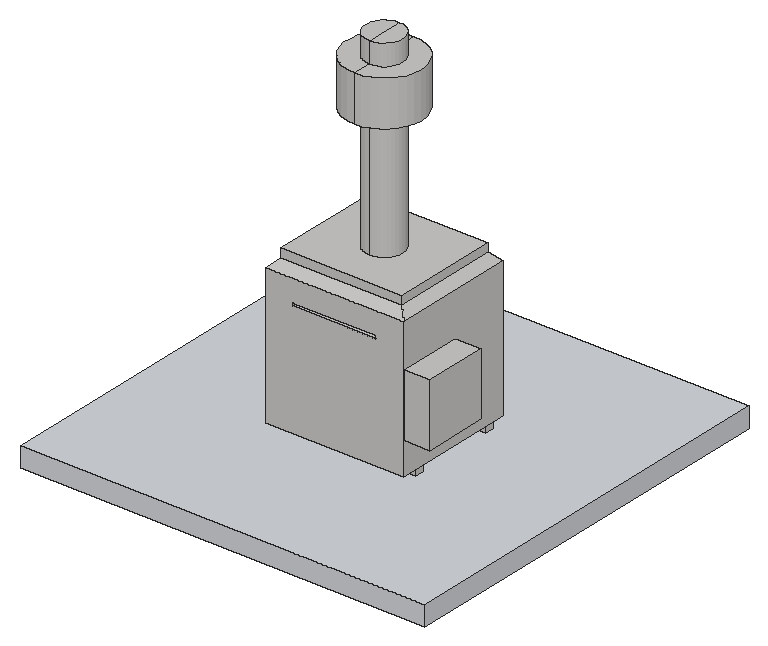
Revit family "DC_Rheem_PLM_Raypak_B0538HWT", category Plumbing Fixtures, host Face, Revit 2020
Family settings
  Host = Face
  Round Connector Dimension = Use Radius
  Part Type = Normal
  Cut with Voids When Loaded = No
  Shared = No
  Room Calculation Point = No
Parameters (values of type "Raypak - Gas Water Heater- Outdoor - 505 MJ/h  Propane gas, modulating gas control")
  Width_ANZRS = 830 mm
  URL = "http://www.rheem.com.au/CommercialProducts"
  Type Comments = "Recovery 1978L/h @ 50°C rise\r\n"
  TopH2_ANZRS = 275 mm
  TopH1_ANZRS = 125 mm
  TopDiaSmall_ANZRS = 225 mm
  TopDiaBig_ANZRS = 450 mm
  T_ANZRS = 50 mm
  Materials_ANZRS = Raypak - Stainless Steel
  PVRDist_ANZRS = 85 mm
  PRV_ANZRS = 15 mm
  Model = "B0538PCM/HWT\r\n"
  Manufacturer = "Raypak\r\n"
  Length_ANZRS = 750 mm
  L1_ANZRS = 387 mm
  HotWateroutletradius_ANZRS = 32.5 mm
  HotWateroutletDiameter_ANZRS = HotWateroutletradius_ANZRS * 2  # 65 mm
  HotWaterConn.Dist_ANZRS = 155 mm
  Height_ANZRS = 2130 mm
  H1_ANZRS = 935 mm
  GasInletradius_ANZRS = 10 mm
  GasInletHeight_ANZRS = 435 mm
  GasInletDiameter_ANZRS = GasInletradius_ANZRS * 2  # 20 mm
  GasConn.Dist_ANZRS = 95 mm
  EleBoxW_ANZRS = 160 mm
  EleBoxHeightFromBase_ANZRS = 235 mm
  EleBoxHeight_ANZRS = 380 mm
  DesignBy_ANZRS = "Design Content ©"
  Description = "Raypak - Gas Water Heater- Outdoor - 505 MJ/h  Propane gas, modulating gas control"
  Default Elevation = 0 mm  # constant formula
  ConnHeight_ANZRS = 745 mm
  ColdWaterInletRadius_ANZRS = 32.5 mm
  ColdWaterInletDiameter_ANZRS = ColdWaterInletRadius_ANZRS * 2  # 65 mm
  ColdWaterConn.Dist_ANZRS = 280 mm
  BoxHeight_ANZRS = 975 mm
  Base1Dist_ANZRS = 75 mm
  BaseWidth_ANZRS = 55 mm
  BaseHeight_ANZRS = 35 mm
  Basae2Dist_ANZRS = 95 mm
  Author_ANZRS = "DM"
  Assembly Code = ""
Types (4, lengths in mm): name | Type Comments | Model | GasInletradius_ANZRS | GasInletDiameter_ANZRS | Description
  Raypak - Gas Water Heater- Outdoor - 539 MJ/h  Natural gas, modulating gas control | "Recovery 2064L/h @ 50°C rise\r\n" | "B0538NCM/HWT\r\n" | 12.5 | 25 | "Raypak - Gas Water Heater- Outdoor - 539 MJ/h  Natural gas, modulating gas control\r\n"
  Raypak - Gas Water Heater- Outdoor - 539  MJ/h  Natural gas, On/Off gas control | "Recovery 2064L/h @ 50°C rise\r\n" | "B0538NCO/HWT\r\n\r\n" | 12.5 | 25 | "Raypak - Gas Water Heater- Outdoor - 539  MJ/h  Natural gas, On/Off gas control\r\n"
  Raypak - Gas Water Heater- Outdoor - 505 MJ/h  Propane gas, modulating gas control | "Recovery 1978L/h @ 50°C rise\r\n" | "B0538PCM/HWT\r\n" | 10 | 20 | "Raypak - Gas Water Heater- Outdoor - 505 MJ/h  Propane gas, modulating gas control"
  Raypak - Gas Water Heater- Outdoor - 505 MJ/h  Propane gas, On/Off gas control | "Recovery 1978L/h @ 50°C rise\r\n" | "B0538PCO/HWT\r\n" | 12.5 | 25 | "Raypak - Gas Water Heater- Outdoor - 505 MJ/h  Propane gas, On/Off gas control\r\n"
Reference planes
  plane 1 "Center (Front/Back)": y = 0
  plane 2: z = 0
  plane 3 "Center (Left/Right)": x = 0
  plane 4: y = 375
  plane 5: y = -375
  plane 6: x = -415
  plane 7: x = 415
  plane 8: z = 35
  plane 9: z = 975
  plane 10: y = 300
  plane 11: y = 245
  plane 12: y = -225
  plane 13: y = -280
  plane 14: y = -280
  plane 15: y = 220
  plane 16: y = -60
  plane 17: z = 745
  plane 18: y = 290
  plane 19: y = 112.5
  plane 20: y = -112.5
  plane 21: y = 225
  plane 22: y = -225
  plane 23: z = 2130
  plane 24: z = 2005
  plane 25: z = 1730
  plane 26: y = 325
  plane 27: y = -325
  plane 28: z = 925
  plane 29: z = 875
  plane 30: z = 435
  plane 31: x = -225
  plane 32: x = 225
  plane 33: x = -112.5
  plane 34: x = 112.5
  plane 35: x = 575
  plane 36: z = 615
  plane 37: z = 235
  plane 38: z = 725
  plane 39: x = 250
  plane 40: x = -250
  plane 41: y = -365
  plane 42: x = -405
  plane 43 "Electircal Box": y = 10
Forms (mm)
  Extrusion 1, solid
    sketch origin (0, 0, 0) x (1, 0, 0) y (0, 1, 0)
      loop
        line (-1219.2, 1219.2) -> (-1219.2, -1219.2) -> (1219.2, -1219.2) -> (1219.2, 1219.2) -> (-1219.2, 1219.2)
    from 0 to -120
  Extrusion 2, solid, material "Raypak - Stainless Steel" <- "Materials_ANZRS"
    sketch origin (0, 0, 0) x (1, 0, 0) y (0, 1, 0)
      loop
        line (-415, 375) -> (-415, -375) -> (415, -375) -> (415, 375) -> (-415, 375)
    from 35 to 975
  Sweep 3, void
    path origin (0, 0, 0) x (1, 0, 0) y (0, 1, 0)
      loop
        line (-415, 375) -> (-415, -375) -> (415, -375) -> (415, 375) -> (-415, 375)
    profile origin (0, 375, 0) x (0, 1, 0) y (0, 0, 1)
      loop
        line (-50, 975) -> (-50, 925) -> (0, 875) -> (0, 975) -> (-50, 975)
  Extrusion 4, solid, material "Raypak - Stainless Steel" <- "Materials_ANZRS"
    sketch origin (0, 0, 0) x (0, 1, 0) y (0, 0, 1)
      loop
        line (300, 35) -> (245, 35) -> (245, 0) -> (300, 0) -> (300, 35)
      loop
        line (-225, 35) -> (-280, 35) -> (-280, 0) -> (-225, 0) -> (-225, 35)
    from -415 to 415
  Revolve 5, solid, material "Raypak - Stainless Steel" <- "Materials_ANZRS"
    sketch origin (0, 0, 0) x (0, 1, 0) y (0, 0, 1)
      loop
        line (0, 2130) -> (-112.5, 2130) -> (-112.5, 2005) -> (-225, 2005) -> (-225, 1730) -> (-112.5, 1730) -> (-112.5, 975) -> (0, 975) -> (0, 2130)
      axis (0, 2130) -> (0, 975)
    angle from 0 to 360
  Extrusion 6, solid, material "Raypak - Stainless Steel" <- "Materials_ANZRS"
    sketch origin (0, 0, 0) x (1, 0, 0) y (0, 0, 1)
      loop
        line (415, 615) -> (415, 235) -> (575, 235) -> (575, 615) -> (415, 615)
    from -10 to 375
  Extrusion 7, void
    sketch origin (0, 0, 0) x (1, 0, 0) y (0, 0, 1)
      loop
        line (-250, 745) -> (-250, 725) -> (250, 725) -> (250, 745) -> (-250, 745)
    from 344.946 to 375
  Extrusion 8, void
    sketch origin (0, 0, 0) x (0, 1, 0) y (0, 0, 1)
      loop
        circle (290, 745) r 15
      loop
        circle (220, 745) r 32.5
      loop
        circle (-60, 745) r 32.5
      loop
        circle (-280, 435) r 10
    from -415 to -405
Cuts and joins
  Sweep 3, Extrusion 7, Extrusion 8 cuts Extrusion 2
Lines and regions (mm)
  Masking region 1
    outline origin (0, 0, 0) x (1, 0, 0) y (0, 1, 0)
      loop
        line (-415, 375) -> (-415, -375) -> (415, -375) -> (575, -375) -> (575, 10) -> (415, 10) -> (-415, 375)
  Masking region 2
    outline origin (0, 0, 0) x (1, 0, 0) y (0, 0, 1)
      loop
        line (225, 1730) -> (225, 2005) -> (112.5, 2005) -> (112.5, 2130) -> (-112.5, 2130) -> (-112.5, 2005) -> (-225, 2005) -> (-225, 1730) -> (-112.5, 1730) -> (-112.5, 975) -> (-365, 975) -> (-365, 925) -> (-415, 875) -> (-415, 0) -> (415, 0) -> (415, 235) -> (575, 235) -> (575, 615) -> (415, 615) -> (415, 875) -> (365, 925) -> (365, 975) -> (112.5, 975) -> (112.5, 1730) -> (225, 1730)
  Masking region 3
    outline origin (0, 0, 0) x (0, 1, 0) y (0, 0, 1)
      loop
        line (-112.5, 975) -> (-325, 975) -> (-325, 925) -> (-375, 875) -> (-375, 0) -> (375, 0) -> (375, 875) -> (325, 925) -> (325, 975) -> (112.5, 975) -> (112.5, 1730) -> (225, 1730) -> (225, 2005) -> (112.5, 2005) -> (112.5, 2130) -> (-112.5, 2130) -> (-112.5, 2005) -> (-225, 2005) -> (-225, 1730) -> (-112.5, 1730) -> (-112.5, 975)
  Masking region 4
    outline origin (0, 0, 0) x (0, 1, 0) y (0, 0, 1)
      loop
        circle (290, 745) r 15
      loop
        circle (220, 745) r 32.5
      loop
        circle (-60, 745) r 32.5
      loop
        circle (-280, 435) r 10
  symbolic lines, style "Rheem Raypak", detail levels fine
    curve 1: line (415, 375, 0) -> (-415, 375, 0)
    curve 2: line (415, -375, 0) -> (415, 375, 0)
    curve 3: line (-415, -375, 0) -> (415, -375, 0)
    curve 4: line (-415, 375, 0) -> (-415, -375, 0)
    curve 5: line (-365, -325, 0) -> (-365, 325, 0)
    curve 6: line (-365, 325, 0) -> (365, 325, 0)
    curve 7: line (365, 325, 0) -> (365, -325, 0)
    curve 8: line (365, -325, 0) -> (-365, -325, 0)
    curve 9: line (415, 375, 0) -> (365, 325, 0)
    curve 10: line (365, -325, 0) -> (415, -375, 0)
    curve 11: line (-365, -325, 0) -> (-415, -375, 0)
    curve 12: line (-365, 325, 0) -> (-415, 375, 0)
    curve 13: arc (0, 225, 0) -> (225, 0, 0) -> (0, -225, 0) r 225
    curve 14: arc (0, -225, 0) -> (-225, 0, 0) -> (0, 225, 0) r 225
    curve 15: arc (0, -112.5, 0) -> (-112.5, 0, 0) -> (0, 112.5, 0) r 112.5
    curve 16: arc (0, 112.5, 0) -> (112.5, 0, 0) -> (0, -112.5, 0) r 112.5
    curve 17: line (575, -375, 0) -> (575, 10, 0)
    curve 18: line (575, 10, 0) -> (415, 10, 0)
    curve 19: line (415, -375, 0) -> (575, -375, 0)
    curve 20: line (365, 0, 975) -> (-365, 0, 975)
    curve 21: line (-365, 0, 925) -> (365, 0, 925)
    curve 22: line (365, 0, 975) -> (365, 0, 925)
    curve 23: line (-365, 0, 925) -> (-365, 0, 975)
    curve 24: line (-415, 0, 875) -> (-365, 0, 925)
    curve 25: line (365, 0, 925) -> (415, 0, 875)
    curve 26: line (415, 0, 875) -> (-415, 0, 875)
    curve 27: line (415, 0, 35) -> (415, 0, 875)
    curve 28: line (-415, 0, 875) -> (-415, 0, 35)
    curve 29: line (250, 0, 745) -> (-250, 0, 745)
    curve 30: line (-250, 0, 725) -> (250, 0, 725)
    curve 31: line (-250, 0, 745) -> (-250, 0, 725)
    curve 32: line (250, 0, 725) -> (250, 0, 745)
    curve 33: line (575, 0, 615) -> (415, 0, 615)
    curve 34: line (575, 0, 235) -> (575, 0, 615)
    curve 35: line (415, 0, 235) -> (575, 0, 235)
    curve 36: line (-415, 0, 35) -> (415, 0, 35)
    curve 37: line (-415, 0, 35) -> (-415, 0, 0)
    curve 38: line (415, 0, 0) -> (415, 0, 35)
    curve 39: line (-415, 0, 0) -> (415, 0, 0)
    curve 40: line (0, 0, 2005) -> (225, 0, 2005)
    curve 41: line (-225, 0, 2005) -> (0, 0, 2005)
    curve 42: line (-225, 0, 1730) -> (0, 0, 1730)
    curve 43: line (0, 0, 1730) -> (225, 0, 1730)
    curve 44: line (-112.5, 0, 2130) -> (0, 0, 2130)
    curve 45: line (0, 0, 2130) -> (112.5, 0, 2130)
    curve 46: line (-112.5, 0, 1730) -> (-112.5, 0, 975)
    curve 47: line (112.5, 0, 975) -> (112.5, 0, 1730)
    curve 48: line (112.5, 0, 2005) -> (112.5, 0, 2130)
    curve 49: line (-112.5, 0, 2130) -> (-112.5, 0, 2005)
    curve 50: line (0, 325, 975) -> (0, -325, 975)
    curve 51: line (0, 325, 925) -> (0, -325, 925)
    curve 52: line (0, -375, 875) -> (0, 375, 875)
    curve 53: line (0, -375, 875) -> (0, -325, 925)
    curve 54: line (0, -325, 925) -> (0, -325, 975)
    curve 55: line (0, 325, 975) -> (0, 325, 925)
    curve 56: line (0, 325, 925) -> (0, 375, 875)
    curve 57: line (0, 375, 35) -> (0, 375, 875)
    curve 58: line (0, -375, 35) -> (0, 375, 35)
    curve 59: line (0, 300, 0) -> (0, 300, 35)
    curve 60: line (0, 245, 35) -> (0, 245, 0)
    curve 61: line (0, 245, 0) -> (0, 300, 0)
    curve 62: line (0, -280, 35) -> (0, -280, 0)
    curve 63: line (0, -225, 0) -> (0, -225, 35)
    curve 64: line (0, -280, 0) -> (0, -225, 0)
    curve 65: line (0, -112.5, 2130) -> (0, 112.5, 2130)
    curve 66: line (0, -225, 2005) -> (0, 225, 2005)
    curve 67: line (0, -225, 1730) -> (0, 225, 1730)
    curve 68: line (0, -112.5, 1730) -> (0, -112.5, 975)
    curve 69: line (0, 112.5, 975) -> (0, 112.5, 1730)
    curve 70: line (0, 112.5, 2005) -> (0, 112.5, 2130)
    curve 71: line (0, -112.5, 2130) -> (0, -112.5, 2005)
Dimensions and locks
  equal spacing: plane 4, plane 1 "Center (Front/Back)", plane 5
  "Length_ANZRS": plane 4 to plane 5
  equal spacing: plane 6, plane 3 "Center (Left/Right)", plane 7
  "Width_ANZRS": plane 6 to plane 7
  "BaseHeight_ANZRS": plane 8 to Extrusion 1
  "BoxHeight_ANZRS": plane 9 to Extrusion 1
  "Base1Dist_ANZRS": plane 4 to plane 10
  "BaseWidth_ANZRS": plane 10 to plane 11
  "Basae2Dist_ANZRS": plane 13 to plane 5
  "BaseWidth_ANZRS": plane 12 to plane 13
  "GasConn.Dist_ANZRS": plane 14 to plane 5
  "HotWaterConn.Dist_ANZRS": plane 4 to plane 15
  "ColdWaterConn.Dist_ANZRS": plane 15 to plane 16
  "ConnHeight_ANZRS": plane 17 to Extrusion 1
  "PVRDist_ANZRS": plane 4 to plane 18
  equal spacing: plane 19, plane 1 "Center (Front/Back)", plane 20
  "TopDiaSmall_ANZRS": plane 19 to plane 20
  equal spacing: plane 21, plane 1 "Center (Front/Back)", plane 22
  "TopDiaBig_ANZRS": plane 21 to plane 22
  "Height_ANZRS": plane 23 to Extrusion 1
  "T_ANZRS": plane 4 to plane 26
  "T_ANZRS": plane 27 to plane 5
  equal spacing: plane 9, plane 28, plane 29
  "T_ANZRS": plane 28 to plane 29
  "TopH1_ANZRS": plane 23 to plane 24
  "TopH2_ANZRS": plane 24 to plane 25
  "GasInletHeight_ANZRS": plane 30 to Extrusion 1
  equal spacing: plane 33, plane 3 "Center (Left/Right)", plane 34
  equal spacing: plane 31, plane 3 "Center (Left/Right)", plane 32
  "TopDiaBig_ANZRS": plane 31 to plane 32
  "TopDiaSmall_ANZRS": plane 33 to plane 34
  "EleBoxW_ANZRS": plane 35 to plane 7
  "EleBoxHeight_ANZRS": plane 36 to plane 37
  "EleBoxHeightFromBase_ANZRS": plane 37 to Extrusion 1
  equal spacing: plane 39, plane 3 "Center (Left/Right)", plane 40
  plane 39 to plane 40 = 500 mm
  locked: plane 41 to plane 5 at 10
  locked: plane 6 to plane 42 at 10
  "GasInletradius_ANZRS": radius of Extrusion 8 sketch curve
  "ColdWaterInletRadius_ANZRS": radius of Extrusion 8 sketch curve
  "HotWateroutletradius_ANZRS": radius of Extrusion 8 sketch curve
  "PRV_ANZRS": radius of Extrusion 8 sketch curve
  aligned and locked: plane 2 to Extrusion 1
  aligned and locked: level to Extrusion 1
  aligned and locked: Extrusion 2 sketch curve to plane 4
  aligned and locked: plane 6 to Extrusion 2 sketch curve
  aligned and locked: Extrusion 2 sketch curve to plane 5
  aligned and locked: plane 7 to Extrusion 2 sketch curve
  aligned and locked: Extrusion 2 to plane 8
  aligned and locked: plane 9 to Extrusion 2
  aligned and locked: Sweep 3 sketch curve to Extrusion 2  (x4)
  aligned and locked: plane 26 to Sweep 3 sketch curve
  aligned and locked: plane 9 to Sweep 3 sketch curve
  aligned and locked: plane 4 to Sweep 3 sketch curve
  aligned and locked: plane 8 to Extrusion 4 sketch curve  (x2)
  aligned and locked: Extrusion 4 sketch curve to plane 10
  aligned and locked: Extrusion 4 sketch curve to level  (x2)
  aligned and locked: plane 11 to Extrusion 4 sketch curve
  aligned and locked: Extrusion 4 sketch curve to plane 12
  aligned and locked: plane 14 to Extrusion 4 sketch curve
  aligned and locked: Extrusion 4 to plane 6
  aligned and locked: Extrusion 4 to plane 7
  aligned and locked: plane 23 to Revolve 5 sketch curve
  aligned and locked: Revolve 5 sketch curve to plane 20
  aligned and locked: plane 24 to Revolve 5 sketch curve
  aligned and locked: Revolve 5 sketch curve to plane 25
  aligned and locked: Revolve 5 sketch curve to plane 22
  aligned and locked: plane 1 "Center (Front/Back)" to Revolve 5 sketch curve
  aligned and locked: plane 9 to Revolve 5 sketch curve
  aligned and locked: Extrusion 6 sketch curve to plane 36
  aligned and locked: Extrusion 6 sketch curve to plane 7
  aligned and locked: plane 37 to Extrusion 6 sketch curve
  aligned and locked: Extrusion 6 sketch curve to plane 35
  aligned and locked: Extrusion 7 sketch curve to plane 17
  aligned and locked: plane 40 to Extrusion 7 sketch curve
  aligned and locked: plane 38 to Extrusion 7 sketch curve
  aligned and locked: Extrusion 7 sketch curve to plane 39
  aligned and locked: plane 5 to Extrusion 7
  aligned and locked: plane 17 to Extrusion 8 sketch curve  (x3)
  aligned and locked: plane 18 to Extrusion 8 sketch curve
  aligned and locked: plane 15 to Extrusion 8 sketch curve
  aligned and locked: plane 16 to Extrusion 8 sketch curve
  aligned and locked: plane 14 to Extrusion 8 sketch curve
  aligned and locked: plane 30 to Extrusion 8 sketch curve
  aligned and locked: Extrusion 8 to plane 6
  aligned and locked: Extrusion 8 to plane 42
  aligned and locked: Masking region 1 sketch curve to cut or joined group of Extrusion 2, Sweep 3, Extrusion 7, Extrusion 8  (x2)
  aligned and locked: Masking region 1 sketch curve to Extrusion 6  (x3)
  aligned and locked: Masking region 2 sketch curve to plane 32
  aligned and locked: Masking region 2 sketch curve to plane 31
  aligned and locked: Masking region 2 sketch curve to plane 33
  aligned and locked: Masking region 2 sketch curve to plane 34
  aligned and locked: Masking region 2 sketch curve to plane 23
  aligned and locked: plane 25 to Masking region 2 sketch curve
  aligned and locked: Masking region 2 sketch curve to plane 9
  aligned and locked: plane 7 to Masking region 2 sketch curve
  aligned and locked: Masking region 2 sketch curve to plane 6
  aligned and locked: Masking region 2 sketch curve to plane 36
  aligned and locked: Masking region 2 sketch curve to plane 35
  aligned and locked: Masking region 2 sketch curve to plane 37
  aligned and locked: Masking region 2 sketch curve to plane 2
  aligned and locked: Masking region 2 sketch curve to cut or joined group of Extrusion 2, Sweep 3, Extrusion 7, Extrusion 8  (x2)
  aligned and locked: Masking region 2 sketch curve to plane 24
  aligned and locked: Masking region 3 sketch curve to plane 20
  aligned and locked: Masking region 3 sketch curve to plane 19
  aligned and locked: plane 23 to Masking region 3 sketch curve
  aligned and locked: plane 24 to Masking region 3 sketch curve
  aligned and locked: Masking region 3 sketch curve to plane 25
  aligned and locked: plane 21 to Masking region 3 sketch curve
  aligned and locked: Masking region 3 sketch curve to plane 22
  aligned and locked: plane 9 to Masking region 3 sketch curve
  aligned and locked: plane 26 to Masking region 3 sketch curve
  aligned and locked: Masking region 3 sketch curve to plane 27
  aligned and locked: Masking region 3 sketch curve to plane 5
  aligned and locked: plane 4 to Masking region 3 sketch curve
  aligned and locked: Extrusion 1 to Masking region 3 sketch curve
  aligned: cut or joined group of Extrusion 2, Sweep 3, Extrusion 7, Extrusion 8 to Extrusion 6
  aligned and locked: cut or joined group of Extrusion 2, Sweep 3, Extrusion 7, Extrusion 8 to Extrusion 6
  aligned and locked: Extrusion 6 to plane 43 "Electircal Box"
  aligned and locked: Masking region 4 sketch curve to cut or joined group of Extrusion 2, Sweep 3, Extrusion 7, Extrusion 8  (x4)
Automatic sketch dimensions
  Extrusion 1 sketch curve to Extrusion 1 sketch curve = 2438.4 mm  (x2)
  Sweep 3 sketch curve to Sweep 3 sketch curve = 50 mm  (x2)
  Revolve 5 sketch curve to plane 1 "Center (Front/Back)" = 0 mm
  Revolve 5 sketch curve to level = 2207.352 mm
  Revolve 5 sketch curve to plane 20 = 0 mm
  plane 23 to Revolve 5 sketch curve = 213.807 mm
  Masking region 1 sketch curve to plane 7 = 0 mm  (x2)
  plane 7 to Masking region 2 sketch curve = 0 mm
  Masking region 2 sketch curve to plane 28 = 0 mm  (x2)
  Masking region 2 sketch curve to plane 29 = 0 mm  (x2)
  Masking region 2 sketch curve to plane 9 = 0 mm
  Masking region 2 sketch curve to plane 34 = 0 mm
  Masking region 2 sketch curve to plane 24 = 0 mm
  Masking region 2 sketch curve to plane 25 = 0 mm
  plane 33 to Masking region 2 sketch curve = 0 mm
  Masking region 3 sketch curve to plane 29 = 0 mm  (x2)
  Masking region 3 sketch curve to plane 28 = 0 mm  (x2)
  Masking region 3 sketch curve to plane 9 = 0 mm
  Masking region 3 sketch curve to plane 20 = 0 mm
  plane 25 to Masking region 3 sketch curve = 0 mm
  Masking region 3 sketch curve to plane 19 = 0 mm
  Masking region 3 sketch curve to plane 24 = 0 mm
  curve 39 to level = 0 mm
  curve 39 to plane 6 = 0 mm
  curve 21 to plane 28 = 0 mm
  curve 30 to plane 38 = 0 mm
  curve 30 to plane 40 = 0 mm
  curve 29 to plane 17 = 0 mm
  plane 31 to curve 41 = 0 mm
  plane 31 to curve 42 = 0 mm
  plane 33 to curve 46 = 0 mm
  plane 33 to curve 49 = 0 mm
  curve 41 to plane 3 "Center (Left/Right)" = 0 mm
  curve 43 to plane 3 "Center (Left/Right)" = 0 mm
  curve 44 to plane 3 "Center (Left/Right)" = 0 mm
  plane 34 to curve 47 = 0 mm
  curve 45 to plane 23 = 0 mm
  curve 45 to plane 34 = 0 mm
  curve 43 to plane 32 = 0 mm
  curve 40 to plane 24 = 0 mm
  curve 40 to plane 32 = 0 mm
  curve 30 to plane 39 = 0 mm
  plane 7 to curve 39 = 0 mm
  curve 35 to plane 35 = 0 mm
  curve 27 to plane 8 = 0 mm
  curve 34 to plane 37 = 0 mm
  curve 33 to plane 36 = 0 mm
  curve 28 to plane 29 = 0 mm
  curve 46 to plane 9 = 0 mm
  curve 47 to plane 25 = 0 mm
  curve 24 to plane 42 = 40 mm
  plane 7 to curve 22 = 50 mm
  curve 53 to plane 5 = 0 mm
  curve 58 to plane 5 = 0 mm
  curve 51 to plane 27 = 0 mm
  curve 64 to level = 0 mm
  curve 64 to plane 13 = 0 mm
  curve 63 to plane 8 = 0 mm
  curve 63 to plane 12 = 0 mm
  curve 66 to plane 12 = 0 mm
  curve 67 to plane 12 = 0 mm
  curve 68 to plane 20 = 0 mm
  curve 71 to plane 20 = 0 mm
  curve 70 to plane 19 = 0 mm
  curve 69 to plane 19 = 0 mm
  curve 67 to plane 21 = 0 mm
  curve 66 to plane 21 = 0 mm
  curve 61 to level = 0 mm
  curve 61 to plane 11 = 0 mm
  curve 59 to plane 10 = 0 mm
  curve 51 to plane 26 = 0 mm
  curve 57 to plane 4 = 0 mm
  curve 52 to plane 29 = 0 mm
  curve 53 to plane 28 = 0 mm
  curve 54 to plane 9 = 0 mm
  plane 25 to curve 68 = 0 mm
  curve 70 to plane 24 = 0 mm
  curve 70 to plane 23 = 0 mm
  Masking region 1 sketch curve to plane 4 = 0 mm
  curve 13 to curve 15 = 0 mm  (x2)
  plane 5 to curve 11 = 0 mm
  curve 11 to plane 6 = 0 mm
  curve 8 to plane 27 = 0 mm
  plane 26 to curve 5 = 0 mm
  curve 16 to plane 3 "Center (Left/Right)" = 0 mm
  curve 10 to plane 7 = 0 mm
  curve 17 to plane 35 = 0 mm
  plane 12 to curve 14 = 0 mm
  plane 20 to curve 15 = 0 mm
  plane 1 "Center (Front/Back)" to curve 16 = 0 mm
  plane 43 "Electircal Box" to curve 17 = 0 mm
  curve 12 to plane 4 = 0 mm
  curve 8 to plane 42 = 40 mm
  plane 7 to curve 7 = 50 mm
Connectors
  piping at (-415, 290, 745), diameter 30, driven by "PRV_ANZRS"
    settings: on cut or joined group of Extrusion 2, Sweep 3, Extrusion 7, Extrusion 8, index 1, connector inside diameter 1.1811", connector length 0 mm, flow factor 0, pipe flow 0 GPM, pressure drop 0.00 psi, fitting loss kfactor 0, connector angle 0.00°, fixture units 0, engagement length 0 mm, angle of deflection 0.00°, flow configuration 1, flow direction 2, fitting loss method 0, system type 22, joint type 0, gender type 0, connector reference index -1, connector utility 0, adjustable connector no, is connector primary yes, connector description "PRV"
  piping at (-415, 220, 745), diameter 65, driven by "HotWateroutletradius_ANZRS"
    settings: on cut or joined group of Extrusion 2, Sweep 3, Extrusion 7, Extrusion 8, index 2, connector inside diameter 2.55906", connector length 0 mm, flow factor 0, pipe flow 0 GPM, pressure drop 0.00 psi, fitting loss kfactor 0, connector angle 0.00°, fixture units 0, engagement length 0 mm, angle of deflection 0.00°, flow configuration 1, flow direction 1, fitting loss method 0, system type 19, joint type 0, gender type 0, connector reference index -1, connector utility 0, adjustable connector no, is connector primary no, connector description ""
  piping at (-415, -60, 745), diameter 65, driven by "ColdWaterInletRadius_ANZRS"
    settings: on cut or joined group of Extrusion 2, Sweep 3, Extrusion 7, Extrusion 8, index 3, connector inside diameter 2.55906", connector length 0 mm, flow factor 0, pipe flow 0 GPM, pressure drop 0.00 psi, fitting loss kfactor 0, connector angle 0.00°, fixture units 0, engagement length 0 mm, angle of deflection 0.00°, flow configuration 1, flow direction 1, fitting loss method 0, system type 20, joint type 0, gender type 0, connector reference index -1, connector utility 0, adjustable connector no, is connector primary no, connector description ""
  piping at (-415, -280, 435), diameter 20, driven by "GasInletradius_ANZRS"
    settings: on cut or joined group of Extrusion 2, Sweep 3, Extrusion 7, Extrusion 8, index 4, connector inside diameter 0.98425", connector length 0 mm, flow factor 0, pipe flow 0 GPM, pressure drop 0.00 psi, fitting loss kfactor 0, connector angle 0.00°, fixture units 0, engagement length 0 mm, angle of deflection 0.00°, flow configuration 1, flow direction 1, fitting loss method 0, system type 22, joint type 0, gender type 0, connector reference index -1, connector utility 0, adjustable connector no, is connector primary no, connector description "Gas"
